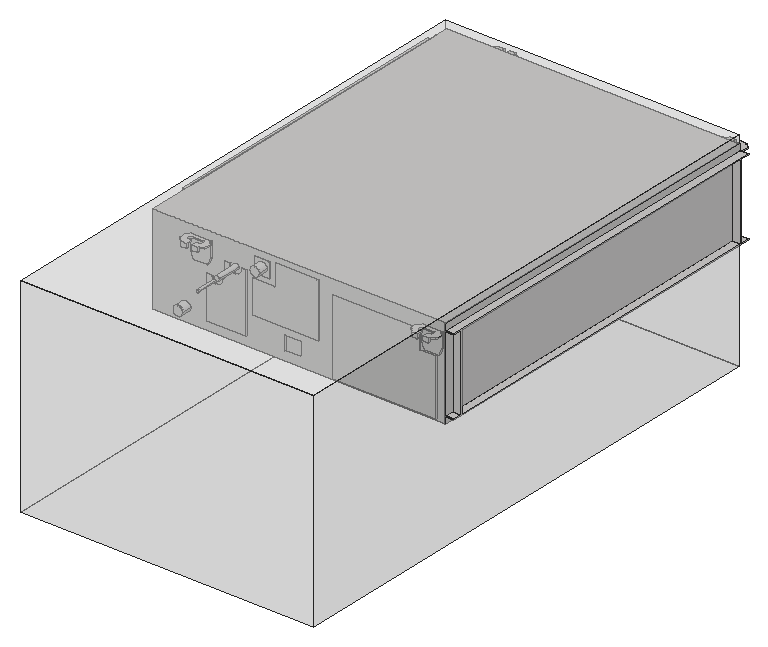
Revit family "outputfile", category 機械設備, Revit 2024
Family settings
  丸型コネクタ寸法 = 半径を使用
  パーツ タイプ = 標準
  OmniClass 番号 = 23.75.10.24.21.27.27
  OmniClass タイトル = Split System Air Conditioning Units
  作業面ベース = いいえ
  常に垂直 = はい
  ロード時にボイドで切り取り = いいえ
  注釈の向きを維持 = いいえ
  共有 = いいえ
  部屋計算ポイント = はい
Parameters (values of type "FXSA50AVMS")
  製造元 = "Daikin"
  書き出し IFC クラス(タイプ) = "IfcUnitaryEquipmentType"
  定義済み IFC タイプ(タイプ) = "AIRCONDITIONINGUNIT"
  モデル = "FXSA50AVMS"
  switch_frequency = yes
  r_Liquid Pipe Size = Liquid Pipe Size / 2  # 3.2 mm
  r_Gas Pipe Size = Gas Pipe Size / 2  # 6.35 mm
  r_Drain Pipe Size = Drain Pipe Size / 2  # 12.5 mm
  lw_power = 770.0 mm
  lh_SA = 138.0 mm
  lw_SA = if(Width = 550.0 mm, 225.0 mm, if(Width = 700.0 mm, 300.0 mm, if(Width = 1000.0 mm, 450.0 mm, if(Width = 1400.0 mm, 650.0 mm, 725.0 mm))))  # 450.0 mm
  lw_RA = if(Width = 550.0 mm, 275.0 mm, if(Width = 700.0 mm, 349.0 mm, if(Width = 1000.0 mm, 499.0 mm, if(Width = 1400.0 mm, 699.0 mm, 775.0 mm))))  # 499.0 mm
  lh_power = 60.0 mm + [h***]  # 60.0 mm
  lh_mountinghole1 = lh_mountinghole + [h***]  # 222.0 mm
  lh_RA = 123.0 mm
  ld_power = Width / 2  # 500.0 mm
  connector_voltage = Voltage_50Hz  # 220 V
  connector_powerinput = [Power Input (Cooling)]  # 0.075 kW
  connector_phase = Phase_50Hz  # 1
  Voltage_comment_50Hz = "220"
  Voltage_50Hz = 220 V
  Total Heating Capacity [instance] = 0.000 kW
  Supply Air Direction [instance] = yes
  Sound Power Level_H speed (dB) = 62
  Power Input (Heating) = 0.070 kW
  Phase_50Hz = 1
  Nominal Heating Capacity = 6.300 kW
  Minimum External Static Pressure = 50.00 Pa
  Minimum Circuit Amps_50Hz = 1.6 A
  Maximum Fuse Amps_50Hz = 16.0 A
  Maximum External Static Pressure = 150.00 Pa
  Material_Casing = DAIKIN_GalvanizedSteel_Casing_indoorunit
  lw_mountinghole = 630.0 mm
  lh_gaspipe = 183.0 mm + [h***]  # 183.0 mm
  lh_mountinghole = 222.0 mm
  lh_liquidpipe = 136.0 mm + [h***]  # 136.0 mm
  lh_drainpipe = 207.0 mm + [h***]  # 207.0 mm
  lh_antena = Height - lh_mountinghole + 1.0 mm  # 24.0 mm
  ld_drainpipe = Width / 2 + 26.0 mm  # 526.0 mm
  ld_liquidpipe = 569.0 mm
  ld_gaspipe = Width / 2 + 65.0 mm  # 565.0 mm
  ld_mountinghole = Width + 38.0 mm  # 1038.0 mm
  h*** = 0.0 mm
  lw_liquidpipe = 179.0 mm
  lw_gaspipe = 229.0 mm
  lw_drainpipe = 300.0 mm
  Width = 1000.0 mm
  Version = "ver.1.0"
  Unit Type = "Duct_M.S.P."
  Unit Mass Weight = 35.00 kg
  Unit Designation [instance] = ""
  Uniclass2015Version = "Products v1.30"
  Uniclass2015Title = "Variable refrigerant flow units"
  Uniclass2015Code = "Pr_70_65_03_94"
  Total Cooling Capacity [instance] = 0.000 kW
  Sound Pressure Level_M speed (dBA) = 32
  Sound Pressure Level_L speed (dBA) = 29
  Sound Pressure Level_H speed (dBA) = 34
  Series = "VRV Fan Coil Unit"
  Sensible Cooling Capacity [instance] = 0.000 kW
  SA Duct Size Width = 792.0 mm
  SA Duct Size Height = 176.0 mm
  Refrigerant Type = "R32"
  RA Duct Size Width = 952.0 mm
  RA Duct Size Height = 208.0 mm
  Power Input (Cooling) = 0.075 kW
  Option Accessory 3 [instance] = ""
  Option Accessory 2 [instance] = ""
  Option Accessory 1 [instance] = ""
  Nominal Cooling Capacity = 5.600 kW
  Minimum Airflow = 690.00 m³/h
  Median Airflow = 870.00 m³/h
  Maximum Airflow = 1020.00 m³/h
  Load Classification = HVAC
  Liquid Pipe Size = 6.4 mm
  Link_Nested Family [instance] = ""
  IfcVersion = ""
  IfcExportType = "AIRCONDITIONINGUNIT"
  IfcExportAs = "IfcUnitaryEquipmentType"
  Height = 245.0 mm
  Heating Entering Wet Bulb Temperature [instance] = -273.15 °C
  Heating Entering Dry Bulb Temperature [instance] = -273.15 °C
  Heating Ambient Wet Bulb Temperature [instance] = -273.15 °C
  Heating Ambient Dry Bulb Temperature [instance] = -273.15 °C
  Heat Exchanger Type = "Cross Fin Coil"
  Gas Pipe Size = 12.7 mm
  Frequency_50Hz = 50 Hz
  Fan Type = "Sirocco Fan"
  Fan Drive = "Direct Drive"
  FCU Tag No. [instance] = ""
  Drain Pipe Size = 25.0 mm
  Design Supply Airflow [instance] = 0.00 m³/h
  Design Return Airflow [instance] = 0.00 m³/h
  Design External Static Pressure [instance] = 0.00 Pa
  Depth = 800.0 mm
  既定の高さ = 0.0 mm
  Cooling Entering Wet Bulb Temperature [instance] = 0.00 °C
  Cooling Entering Dry Bulb Temperature [instance] = 0.00 °C
  Cooling Ambient Wet Bulb Temperature [instance] = 0.00 °C
  Cooling Ambient Dry Bulb Temperature [instance] = 0.00 °C
  Clearance visibility [instance] = yes
  Clearance Top = 20.0 mm
  Clearance Right = 0.0 mm
  Clearance Rear = 0.0 mm
  Clearance Left = 0.0 mm
  Clearance Front = 450.0 mm
  Clearance Bottom = 300.0 mm
Reference planes
  plane 1 "Center (Front/Back)": y = 0
  plane 2 "h": z = 0
  plane 3 "Center (Left/Right)": x = 0
  plane 4 "Back": y = 500
  plane 5 "Front": y = -500
  plane 6 "Left": x = -400
  plane 7 "Right": x = 400
  plane 8 "Top": z = 0
  plane 9 "Bottom": z = -245
  plane 10: y = -215
  plane 11: y = 500
  plane 12: y = -950
  plane 13: x = -400
  plane 14: x = 400
  plane 15: z = 20
  plane 16: z = -545
  plane 17: x = -400
  plane 18: x = -399
  plane 19: x = 399
  plane 20: y = 50
  plane 21: y = -1
  plane 22: z = -122
  plane 23: y = -501
  plane 24: z = -109
  plane 25: x = -221
  plane 26: y = -565
  plane 27: z = -62
  plane 28: x = -171
  plane 29: y = -526
  plane 30: z = -38
  plane 31: x = -100
  plane 32: x = -100
  plane 33: x = -221
  plane 34: x = -171
  plane 35: x = 370
  plane 36: x = -266
  plane 37: x = 364
  plane 38: y = -519
  plane 39: y = 519
  plane 40: z = -23
  plane 41: z = -107
  plane 42: y = -569
  plane 43: z = -207
  plane 44: x = -309
  plane 45: y = -376
  plane 46: x = -251
  plane 47: x = -203
  plane 48: x = -144
  plane 49: z = -59
  plane 50: z = -106
  plane 51: z = -221
  plane 52: z = -109
  plane 53: x = -221
  plane 54: z = -62
  plane 55: x = -171
  plane 56: z = -17
  plane 57: z = -59
  plane 58: x = -121
  plane 59: x = -79
  plane 60: x = -125
  plane 61: x = -64
  plane 62: x = 53
  plane 63: z = -164
  plane 64: z = -73
  plane 65: z = -16
  plane 66: x = 93.5
  plane 67: x = 374.5
  plane 68: x = 330
  plane 69: z = -88.5
  plane 70: z = -38
  plane 71: z = -242.5
  plane 72: x = -38.5
  plane 73: x = 6.5
  plane 74: z = -181
  plane 75: z = -221
  plane 76: y = -499
  plane 77: x = -424
  plane 78: x = 424
Forms (mm)
  Extrusion 1, solid, material "DAIKIN_GalvanizedSteel_Casing_indoorunit" <- "Material_Casing"
    sketch origin (0, 0, 0) x (1, 0, 0) y (0, 1, 0)
      loop
        line (-399, 500) -> (-399, -500) -> (399, -500) -> (399, 500) -> (-399, 500)
    from -245 to 0
  Extrusion 2, solid, material "DAIKIN_GalvanizedSteel_Casing_indoorunit" <- "Material_Casing"
    sketch origin (0, 0, 0) x (1, 0, 0) y (0, 0, 1)
      loop
        line (-251, -221) -> (-144, -221) -> (-144, -59) -> (-154.47, -59)
        arc (-154.47, -59) -> (-171, -78.8) -> (-187.53, -59) r 16.8
        line (-187.53, -59) -> (-203, -59) -> (-203, -106) -> (-206.916, -106)
        arc (-206.916, -106) -> (-221, -123.4) -> (-235.084, -106) r 14.4
        line (-235.084, -106) -> (-251, -106) -> (-251, -221)
    from 500 to 501
  Extrusion 3, solid, material "DAIKIN_GalvanizedSteel_Casing_indoorunit" <- "Material_Casing"
    sketch origin (0, 0, 0) x (1, 0, 0) y (0, 0, 1)
      loop
        line (-121, -17) -> (-121, -59) -> (-79, -59) -> (-79, -17) -> (-121, -17)
      loop
        line (-125, -73) -> (-125, -164) -> (53, -164) -> (53, -16) -> (-64, -16) -> (-64, -73) -> (-125, -73)
    from 500 to 501
  Extrusion 4, solid, material "DAIKIN_GalvanizedSteel_Casing_indoorunit" <- "Material_Casing"
    sketch origin (0, 0, 0) x (1, 0, 0) y (0, 0, 1)
      loop
        line (93.5, -38) -> (93.5, -242.5) -> (374.5, -242.5) -> (374.5, -88.5) -> (330, -88.5) -> (330, -38) -> (93.5, -38)
    from 500 to 501
  Extrusion 5, solid, material "DAIKIN_GalvanizedSteel_Casing_indoorunit" <- "Material_Casing"
    sketch origin (0, 0, 0) x (1, 0, 0) y (0, 0, 1)
      loop
        circle (-221, -109) r 3.2
    from 500 to 569
  Extrusion 6, solid, material "DAIKIN_GalvanizedSteel_Casing_indoorunit" <- "Material_Casing"
    sketch origin (0, 0, 0) x (1, 0, 0) y (0, 0, 1)
      loop
        circle (-171, -62) r 6.35
    from 500 to 565
  Extrusion 7, solid, material "DAIKIN_GalvanizedSteel_Casing_indoorunit" <- "Material_Casing"
    sketch origin (0, 0, 0) x (1, 0, 0) y (0, 0, 1)
      loop
        circle (-100, -38) r 12.5
    from 501 to 526
  Extrusion 8, solid, material "DAIKIN_GalvanizedSteel_Casing_indoorunit" <- "Material_Casing"
    sketch origin (0, 0, 0) x (1, 0, 0) y (0, 0, 1)
      loop
        circle (-309, -207) r 13
    from 500 to 526
  Extrusion 9, void
    sketch origin (0, 0, 0) x (1, 0, 0) y (0, 0, 1)
      loop
        line (-38.5, -181) -> (-38.5, -221) -> (6.5, -221) -> (6.5, -181) -> (-38.5, -181)
    from 499 to 500
Cuts and joins
  Extrusion 9 cuts Extrusion 1
Dimensions and locks
  "Height": plane 8 "Top" to plane 9 "Bottom"
  equal spacing: plane 4 "Back", plane 1 "Center (Front/Back)", plane 5 "Front"
  "Width": plane 4 "Back" to plane 5 "Front"
  equal spacing: plane 6 "Left", plane 3 "Center (Left/Right)", plane 7 "Right"
  "Depth": plane 6 "Left" to plane 7 "Right"
  "Clearance Left": plane 13 to plane 6 "Left"
  "Clearance Right": plane 7 "Right" to plane 14
  "Clearance Rear": plane 11 to plane 4 "Back"
  "Clearance Front": plane 5 "Front" to plane 12
  "Clearance Top": plane 15 to plane 8 "Top"
  "Clearance Bottom": plane 9 "Bottom" to plane 16
  locked: plane 17 to plane 18 at 1
  locked: plane 19 to plane 14 at 1
  "lw_SA": plane 11 to plane 20
  "lw_RA": plane 21 to plane 5 "Front"
  "lh_RA": plane 22 to plane 9 "Bottom"
  locked: plane 5 "Front" to plane 23 at 1
  "lw_liquidpipe": plane 25 to plane 6 "Left"
  "lh_liquidpipe": plane 24 to plane 9 "Bottom"
  "lh_gaspipe": plane 27 to plane 9 "Bottom"
  "lw_gaspipe": plane 28 to plane 6 "Left"
  "ld_gaspipe": plane 26 to plane 1 "Center (Front/Back)"
  "ld_drainpipe": plane 29 to plane 1 "Center (Front/Back)"
  "lh_drainpipe": plane 30 to plane 9 "Bottom"
  "lw_drainpipe": plane 31 to plane 6 "Left"
  "lw_drainpipe": plane 6 "Left" to plane 32
  "lw_liquidpipe": plane 6 "Left" to plane 33
  "lw_gaspipe": plane 6 "Left" to plane 34
  "lw_power": plane 6 "Left" to plane 35
  locked: plane 17 to plane 36 at 134
  "lw_mountinghole": plane 36 to plane 37
  equal spacing: plane 38, plane 1 "Center (Front/Back)", plane 39
  "ld_mountinghole": plane 39 to plane 38
  "lh_mountinghole": plane 40 to plane 9 "Bottom"
  "lh_SA": plane 41 to plane 9 "Bottom"
  locked: plane 44 to plane 6 "Left" at 91
  locked: plane 43 to plane 9 "Bottom" at 38
  plane 48 to plane 47 to plane 46 to plane 6 "Left" = 59.0 mm, 48.0 mm, 149.0 mm
  plane 8 "Top" to plane 49 to plane 50 to plane 51 = 59.0 mm locked, 47.0 mm locked, 115.0 mm locked
  plane 55 to plane 53 to plane 6 "Left" = 50.0 mm locked, 179.0 mm locked
  plane 54 to plane 52 to plane 9 "Bottom" = 47.0 mm locked, 136.0 mm locked
  plane 59 to plane 58 to plane 6 "Left" = 42.0 mm locked, 279.0 mm locked
  plane 8 "Top" to plane 56 to plane 57 = 17.0 mm locked, 42.0 mm locked
  plane 62 to plane 61 to plane 60 to plane 6 "Left" = 117.0 mm, 61.0 mm, 275.0 mm
  plane 8 "Top" to plane 65 to plane 64 = 16.0 mm locked, 57.0 mm locked
  locked: plane 65 to plane 63 at 148
  plane 8 "Top" to plane 70 to plane 69 to plane 71 = 38.0 mm locked, 50.5 mm locked, 154.0 mm locked
  plane 67 to plane 68 to plane 66 to plane 6 "Left" = 44.5 mm locked, 236.5 mm locked, 493.5 mm locked
  plane 8 "Top" to plane 74 to plane 75 = 181.0 mm locked, 40.0 mm locked
  plane 73 to plane 72 to plane 6 "Left" = 45.0 mm, 361.5 mm
  locked: plane 76 to plane 5 "Front" at 1
  locked: plane 77 to plane 17 at 24
  locked: plane 14 to plane 78 at 24
  "ld_liquidpipe": plane 42 to plane 1 "Center (Front/Back)"
  "r_Liquid Pipe Size": radius of Extrusion 5 sketch curve
  "r_Gas Pipe Size": radius of Extrusion 6 sketch curve
  "r_Drain Pipe Size": radius of Extrusion 7 sketch curve
  aligned and locked: level to plane 2 "h"
  aligned and locked: plane 8 "Top" to Extrusion 1
  aligned and locked: Extrusion 1 to plane 9 "Bottom"
  aligned and locked: nested 5 to plane 12
  aligned and locked: plane 13 to nested 5
  aligned and locked: plane 14 to nested 5
  aligned and locked: nested 5 to plane 13
  aligned and locked: plane 11 to nested 5
  aligned and locked: plane 15 to nested 5
  aligned and locked: plane 16 to nested 5
  aligned and locked: plane 5 "Front" to Extrusion 1 sketch curve
  aligned and locked: Extrusion 1 to plane 18
  aligned and locked: plane 19 to Extrusion 1
  aligned and locked: nested 7 to plane 18
  aligned and locked: nested 7 to plane 20
  aligned and locked: plane 19 to nested 8
  aligned and locked: plane 21 to nested 8
  aligned and locked: plane 22 to nested 8
  aligned and locked: Extrusion 2 to plane 23
  aligned and locked: plane 5 "Front" to Extrusion 2
  aligned and locked: Extrusion 3 to plane 23
  aligned and locked: plane 5 "Front" to Extrusion 3
  aligned and locked: plane 5 "Front" to Extrusion 4
  aligned and locked: Extrusion 5 sketch curve to plane 25
  aligned and locked: plane 24 to Extrusion 5 sketch curve
  aligned and locked: plane 5 "Front" to Extrusion 5
  aligned and locked: Extrusion 6 sketch curve to plane 28
  aligned and locked: plane 27 to Extrusion 6 sketch curve
  aligned and locked: plane 5 "Front" to Extrusion 6
  aligned and locked: Extrusion 7 sketch curve to plane 31
  aligned and locked: Extrusion 7 sketch curve to plane 30
  aligned and locked: Extrusion 7 to plane 29
  aligned and locked: plane 23 to Extrusion 7
  aligned and locked: nested 3 to plane 29
  aligned and locked: plane 32 to nested 3
  aligned and locked: nested 2 to plane 33
  aligned and locked: nested 1 to plane 34
  aligned and locked: Extrusion 6 to plane 26
  aligned and locked: nested 1 to plane 26
  aligned and locked: nested 6 to plane 5 "Front"
  aligned and locked: nested 6 to plane 35
  aligned and locked: plane 36 to nested 10
  aligned and locked: nested 10 to plane 5 "Front"
  aligned and locked: plane 37 to nested 9
  aligned and locked: nested 9 to plane 5 "Front"
  aligned and locked: nested 11 to plane 36
  aligned and locked: plane 4 "Back" to nested 11
  aligned and locked: nested 12 to plane 37
  aligned and locked: plane 4 "Back" to nested 12
  aligned and locked: plane 40 to nested 10
  aligned and locked: plane 40 to nested 11
  aligned and locked: plane 40 to nested 9
  aligned and locked: plane 40 to nested 12
  aligned and locked: plane 36 to nested 14
  aligned and locked: nested 14 to plane 39
  aligned and locked: plane 37 to nested 13
  aligned and locked: nested 13 to plane 39
  aligned and locked: plane 37 to nested 16
  aligned and locked: plane 38 to nested 16
  aligned and locked: plane 38 to nested 15
  aligned and locked: plane 36 to nested 15
  aligned and locked: plane 17 to plane 6 "Left"
  aligned and locked: plane 41 to nested 7
  aligned and locked: Extrusion 5 to plane 42
  aligned and locked: nested 2 to plane 42
  aligned and locked: Extrusion 8 sketch curve to plane 44
  aligned and locked: plane 43 to Extrusion 8 sketch curve
  aligned and locked: plane 5 "Front" to Extrusion 8
  aligned and locked: Extrusion 3 sketch curve to plane 56
  aligned and locked: Extrusion 3 sketch curve to plane 58
  aligned and locked: plane 57 to Extrusion 3 sketch curve
  aligned and locked: plane 59 to Extrusion 3 sketch curve
  aligned and locked: Extrusion 4 to plane 23
  aligned and locked: Extrusion 9 sketch curve to plane 74
  aligned and locked: plane 75 to Extrusion 9 sketch curve
  aligned and locked: plane 73 to Extrusion 9 sketch curve
  aligned and locked: plane 5 "Front" to Extrusion 9
  aligned and locked: plane 76 to Extrusion 9
  aligned and locked: nested 17 to plane 20
  aligned and locked: nested 17 to plane 77
  aligned and locked: plane 21 to nested 18
  aligned and locked: plane 78 to nested 18
  aligned and locked: plane 41 to nested 17
  aligned and locked: nested 18 to plane 22
  aligned and locked: nested 4 to plane 3 "Center (Left/Right)"
  aligned and locked: plane 1 "Center (Front/Back)" to nested 4
  aligned and locked: level to plane 8 "Top"
  aligned and locked: Extrusion 8 to plane 29
Automatic sketch dimensions
  plane 6 "Left" to Extrusion 1 sketch curve = 1.0 mm
  Extrusion 1 sketch curve to plane 7 "Right" = 1.0 mm
  Extrusion 1 sketch curve to plane 4 "Back" = 0.0 mm
  Extrusion 2 sketch curve to plane 46 = 0.0 mm
  Extrusion 2 sketch curve to plane 33 = 0.0 mm
  Extrusion 2 sketch curve to plane 47 = 0.0 mm
  Extrusion 2 sketch curve to plane 34 = 0.0 mm
  Extrusion 2 sketch curve to plane 48 = 0.0 mm
  Extrusion 2 sketch curve to plane 51 = 0.0 mm
  Extrusion 2 sketch curve to plane 52 = 0.0 mm
  Extrusion 2 sketch curve to plane 50 = 0.0 mm  (x3)
  Extrusion 2 sketch curve to plane 54 = 0.0 mm
  Extrusion 2 sketch curve to plane 49 = 0.0 mm  (x3)
  plane 33 to Extrusion 2 sketch curve = 14.084 mm
  plane 34 to Extrusion 2 sketch curve = 16.53 mm
  Extrusion 3 sketch curve to plane 60 = 0.0 mm
  Extrusion 3 sketch curve to plane 61 = 0.0 mm
  Extrusion 3 sketch curve to plane 62 = 0.0 mm
  Extrusion 3 sketch curve to plane 63 = 0.0 mm
  Extrusion 3 sketch curve to plane 64 = 0.0 mm
  Extrusion 3 sketch curve to plane 65 = 0.0 mm
  Extrusion 4 sketch curve to plane 66 = 0.0 mm
  Extrusion 4 sketch curve to plane 68 = 0.0 mm
  Extrusion 4 sketch curve to plane 67 = 0.0 mm
  Extrusion 4 sketch curve to plane 71 = 0.0 mm
  Extrusion 4 sketch curve to plane 69 = 0.0 mm
  Extrusion 4 sketch curve to plane 70 = 0.0 mm
  Extrusion 9 sketch curve to plane 72 = 0.0 mm
  radius of Extrusion 8 sketch curve = 13.0 mm
Nested families
  nested 1: "daikin_connector_rotate2" at (-171, 0, -62), length <- "ld_gaspipe", built-in parameter 1001364 <- "lh_gaspipe", radius <- "r_Gas Pipe Size", type "daikin_connector_rotate2"
    with radius 6.35 mm, length 565.0 mm, angle_vertical 90.00°
  nested 2: "daikin_connector_rotate2" at (-221, 0, -109), length <- "ld_liquidpipe", built-in parameter 1001364 <- "lh_liquidpipe", radius <- "r_Liquid Pipe Size", type "daikin_connector_rotate2"
    with radius 3.2 mm, length 569.0 mm, angle_vertical 90.00°
  nested 3: "daikin_connector_rotate2" at (-100, 0, -38), length <- "ld_drainpipe", built-in parameter 1001364 <- "lh_drainpipe", radius <- "r_Drain Pipe Size", type "daikin_connector_rotate2"
    with radius 12.5 mm, length 526.0 mm, angle_vertical 90.00°
  nested 4: "daikin_△_symbolicline" at (0, 0, 245) x (0, -1, 0) z (0, 0, 1), built-in parameter 1001364 <- "Height", visible <- "Supply Air Direction", type "daikin_△_symbolicline"
    with length 200.0 mm
  nested 5: "daikin_clearancespace" at (0, -225, -262.381), visible <- "Clearance visibility", show <- "Clearance visibility", Link_Nested Family <- "Link_Nested Family", type "daikin_clearancespace"
    with width 800.0 mm, show yes, height 565.0 mm, depth 1450.0 mm, Link_Nested Family ""
  nested 6: "daikin_connector_rotate2" at (370, 0, -185), built-in parameter 1001364 <- "lh_power", length <- "ld_power", type "daikin_connector_rotate2"
    with radius 10.0 mm, length 500.0 mm, angle_vertical 90.00°
  nested 7: "daikin_ductflange_FXSA-AVMS2" at (-399, 50, -107) x (0, -1, 0) z (0, 0, 1), type "daikin_ductflange_FXSA-AVMS2"
    with width 792.0 mm, w 1000.0 mm
  nested 8: "daikin_ductflange_FXSA-AVMS" at (399, -1, -122) x (0, 1, 0) z (0, 0, 1), type "daikin_ductflange_FXSA-AVMS"
    with width 952.0 mm, lw 25.0 mm, w 1000.0 mm
  nested 9: "FXFSA-AVM" at (364, -500, -23), type "daikin_hangerfixture_FXFSA-AVM"
  nested 10: "FXFSA-AVM" at (-266, -500, -23), type "daikin_hangerfixture_FXFSA-AVM"
  nested 11: "FXFSA-AVM" at (-266, 500, -23) x (-1, 0, 0) z (0, 0, 1), type "daikin_hangerfixture_FXFSA-AVM"
  nested 12: "FXFSA-AVM" at (364, 500, -23) x (-1, 0, 0) z (0, 0, 1), type "daikin_hangerfixture_FXFSA-AVM"
  nested 13: "daikin_mountinghole" at (364, 519, -245), h_mountinghole <- "lh_mountinghole1", l_antenna <- "lh_antena", Link_Nested Family <- "Link_Nested Family", type "daikin_mountinghole"
    with show yes, l_antenna 24.0 mm, h_mountinghole 222.0 mm, Link_Nested Family ""
  nested 14: "daikin_mountinghole" at (-266, 519, -245), h_mountinghole <- "lh_mountinghole1", l_antenna <- "lh_antena", Link_Nested Family <- "Link_Nested Family", type "daikin_mountinghole"
    with show yes, l_antenna 24.0 mm, h_mountinghole 222.0 mm, Link_Nested Family ""
  nested 15: "daikin_mountinghole" at (-266, -519, -245), h_mountinghole <- "lh_mountinghole1", l_antenna <- "lh_antena", Link_Nested Family <- "Link_Nested Family", type "daikin_mountinghole"
    with show yes, l_antenna 24.0 mm, h_mountinghole 222.0 mm, Link_Nested Family ""
  nested 16: "daikin_mountinghole" at (364, -519, -245), h_mountinghole <- "lh_mountinghole1", l_antenna <- "lh_antena", Link_Nested Family <- "Link_Nested Family", type "daikin_mountinghole"
    with show yes, l_antenna 24.0 mm, h_mountinghole 222.0 mm, Link_Nested Family ""
  nested 17: "daikin_connector_rotate2" at (-400, 50, -107) x (0, -1, 0) z (0, 0, 1), type "daikin_connector_rotate2"
    with radius 10.0 mm, length 24.0 mm, angle_vertical 90.00°
  nested 18: "daikin_connector_rotate2" at (400, -1, -122) x (0, 1, 0) z (0, 0, 1), type "daikin_connector_rotate2"
    with radius 10.0 mm, length 24.0 mm, angle_vertical 90.00°
Connectors
  piping at (-100, -526, -38), diameter 25, driven by "r_Drain Pipe Size"
    settings: on nested 3, index 3, connector inside diameter 609.6 mm, connector length 0.0 mm, flow factor 0, pipe flow 0.00 m³/h, pressure drop 0.0 Pa, fitting loss kfactor 0, connector angle 0.00°, fixture units 0, engagement length 0.0 mm, angle of deflection 0.00°, flow configuration 1, flow direction 2, fitting loss method 4, system type 16, joint type 0, gender type 0, connector reference index -1, connector utility 0, adjustable connector no, is connector primary yes, connector description "Condensate Drain Piping"
  piping at (-171, -565, -62), diameter 12.7, driven by "r_Gas Pipe Size"
    settings: on nested 1, index 4, connector inside diameter 609.6 mm, connector length 0.0 mm, flow factor 0, pipe flow 0.00 m³/h, pressure drop 0.0 Pa, fitting loss kfactor 0, connector angle 0.00°, fixture units 0, engagement length 0.0 mm, angle of deflection 0.00°, flow configuration 1, flow direction 2, fitting loss method 0, system type 29, joint type 0, gender type 0, connector reference index -1, connector utility 0, adjustable connector no, is connector primary no, connector description "Refrigerant Gas Piping"
  piping at (-221, -569, -109), diameter 6.4, driven by "r_Liquid Pipe Size"
    settings: on nested 2, index 5, connector inside diameter 609.6 mm, connector length 0.0 mm, flow factor 0, pipe flow 0.00 m³/h, pressure drop 0.0 Pa, fitting loss kfactor 0, connector angle 0.00°, fixture units 0, engagement length 0.0 mm, angle of deflection 0.00°, flow configuration 1, flow direction 1, fitting loss method 0, system type 29, joint type 0, gender type 0, connector reference index -1, connector utility 0, adjustable connector no, is connector primary no, connector description "Refrigerant Liquid Piping"
  electrical at (370, -500, -185), driven by "Load Classification", driven by "connector_voltage", driven by "connector_phase", driven by "connector_powerinput"
    settings: on nested 6, index 6, voltage 220 V, apparent load 75 VA, apparent load phase1 0 VA, apparent load phase2 0 VA, apparent load phase3 0 VA, power factor 1, load classification "HVAC", number of poles 1, system type 30, power factor state 1, is connector primary yes, connector utility no, sub classification motor no, connector description "Power Supply"
  hvac at (-424, 50, -107), driven by "SA Duct Size Height", driven by "SA Duct Size Width"
    settings: on nested 17, index 7, duct flow 0.00 m³/h, flow factor 0, pres drop 0.00 Pa, loss coef 0, conn angle 0.00°, conn width 792.0 mm, conn height 176.0 mm, conn diameter 609.6 mm, duct sys type 1, conn prof type 1, flow config 0, flow direction 2, loss method 4, conn ref index -1, conn util no, is conn primary yes, conn desc "SA Duct"
  hvac at (424, -1, -122), driven by "RA Duct Size Height", driven by "RA Duct Size Width"
    settings: on nested 18, index 8, duct flow 0.00 m³/h, flow factor 0, pres drop 0.00 Pa, loss coef 0, conn angle 0.00°, conn width 952.0 mm, conn height 208.0 mm, conn diameter 609.6 mm, duct sys type 2, conn prof type 1, flow config 0, flow direction 1, loss method 4, conn ref index -1, conn util no, is conn primary no, conn desc "RA Duct"
Definition of nested family "daikin_clearancespace"
  Parameters (values of type "daikin_clearancespace")
    Description = "daikin_clearancespace"
    width [instance] = 1823.963 mm
    show [instance] = yes
    material = none
    height [instance] = 1359.762 mm
    depth [instance] = 880.0 mm
    Default Elevation = 0.0 mm
    Link_Nested Family [instance] = ""
  Reference planes
    plane 1 "Center (Front/Back)": y = 0
    plane 2 "Center (Elevation)": z = -0.119
    plane 3 "Center (Left/Right)": x = 0
    plane 4: y = 440
    plane 5: y = -440
    plane 6 "Right": x = 911.982
    plane 7 "Left": x = -911.982
    plane 8 "Top": z = 679.762
    plane 9 "Bottom": z = -680
  Forms (mm)
    Extrusion 1, solid, material <- "material", visible <- "show"
      sketch origin (0, 0, 0) x (1, 0, 0) y (0, 1, 0)
        loop
          line (-911.982, 440) -> (-911.982, -440) -> (911.982, -440) -> (911.982, 440) -> (-911.982, 440)
      from -680 to 679.762
  Lines and regions (mm)
    symbolic lines, visible <- "show"
      curve 1: line (911.982, 440, 0) -> (-911.982, 440, 0)
      curve 2: line (-911.982, 440, 0) -> (-911.982, -440, 0)
      curve 3: line (-911.982, -440, 0) -> (911.982, -440, 0)
      curve 4: line (911.982, -440, 0) -> (911.982, 440, 0)
      curve 5: line (911.982, 0, 679.762) -> (-911.982, 0, 679.762)
      curve 6: line (911.982, 0, -680) -> (911.982, 0, 679.762)
      curve 7: line (-911.982, 0, -680) -> (911.982, 0, -680)
      curve 8: line (-911.982, 0, 679.762) -> (-911.982, 0, -680)
      curve 9: line (0, 440, 679.762) -> (0, -440, 679.762)
      curve 10: line (0, -440, 679.762) -> (0, -440, -680)
      curve 11: line (0, 440, -680) -> (0, 440, 679.762)
      curve 12: line (0, -440, -680) -> (0, 440, -680)
  Dimensions and locks
    "width": plane 7 "Left" to plane 6 "Right"
    "depth": plane 4 to plane 5
    "height": plane 8 "Top" to plane 9 "Bottom"
    equal spacing: plane 7 "Left", plane 3 "Center (Left/Right)", plane 6 "Right"
    equal spacing: plane 4, plane 1 "Center (Front/Back)", plane 5
    equal spacing: plane 8 "Top", plane 2 "Center (Elevation)", plane 9 "Bottom"
    aligned and locked: level to plane 2 "Center (Elevation)"
    aligned and locked: Extrusion 1 sketch curve to plane 4
    aligned and locked: plane 7 "Left" to Extrusion 1 sketch curve
    aligned and locked: Extrusion 1 sketch curve to plane 5
    aligned and locked: Extrusion 1 sketch curve to plane 6 "Right"
    aligned and locked: plane 8 "Top" to Extrusion 1
    aligned and locked: curve 1 to Extrusion 1
    aligned and locked: curve 2 to Extrusion 1
    aligned and locked: curve 3 to Extrusion 1
    aligned and locked: curve 4 to Extrusion 1
    aligned and locked: curve 5 to Extrusion 1
    aligned and locked: curve 6 to Extrusion 1
    aligned and locked: curve 7 to Extrusion 1
    aligned and locked: curve 8 to Extrusion 1
    aligned and locked: curve 9 to Extrusion 1
    aligned and locked: curve 10 to Extrusion 1
    aligned and locked: curve 11 to Extrusion 1
    aligned and locked: curve 12 to Extrusion 1
    aligned and locked: Extrusion 1 to plane 9 "Bottom"
Definition of nested family "daikin_ductflange_FXSA-AVMS2"
  Parameters (values of type "daikin_ductflange_FBA-BVMA2")
    width = if(w = 550.0 mm, 337.0 mm, if(w = 700.0 mm, 492.0 mm, if(w = 1000.0 mm, 792.0 mm, if(w = 1400.0 mm, 1192.0 mm, 1337.0 mm))))  # 492.0 mm
    w1 = if(w = 550.0 mm, 24.0 mm, if(w = 700.0 mm, 21.5 mm, if(w = 1000.0 mm, 21.5 mm, if(w = 1400.0 mm, 21.5 mm, 24.0 mm))))  # 21.5 mm
    material = none
    height = 215.0 mm
    depth = 1.0 mm
    w = 700.0 mm
    Default Elevation = 0.0 mm
  Reference planes
    plane 1 "Center (Front/Back)": y = 0
    plane 2: z = 0
    plane 3 "Center (Left/Right)": x = 0
    plane 4: z = 88
    plane 5: z = -88
    plane 6: y = -25
    plane 7: z = 106
    plane 8: z = 89
    plane 9: y = -1
    plane 10: x = -267.5
    plane 11: x = 267.5
    plane 12: z = -106
    plane 13: z = -89
    plane 14: y = -1
    plane 15: x = 246
    plane 16: x = -246
    plane 17: x = 247
    plane 18: z = 87
    plane 19: z = -87
    plane 20: x = -247
    plane 21: z = 87
    plane 22: z = -87
    plane 23: y = -1
  Forms (mm)
    Extrusion 1, solid, material <- "material"
      sketch origin (0, 0, 0) x (0, 1, 0) y (0, 0, 1)
        loop
          line (-25, 88) -> (0, 88) -> (0, 106) -> (-1, 106) -> (-1, 89) -> (-25, 89) -> (-25, 88)
      from -267.5 to 267.5
    Extrusion 2, solid, material <- "material"
      sketch origin (0, 0, 0) x (0, 1, 0) y (0, 0, 1)
        loop
          line (-25, -88) -> (-25, -89) -> (-1, -89) -> (-1, -106) -> (0, -106) -> (0, -88) -> (-25, -88)
      from -267.5 to 267.5
    Extrusion 3, solid, material <- "material"
      sketch origin (0, 0, 0) x (1, 0, 0) y (0, 0, 1)
        loop
          line (246, 88) -> (246, -88) -> (267.5, -88) -> (267.5, -87) -> (247, -87) -> (247, 87) -> (267.5, 87) -> (267.5, 88) -> (246, 88)
      from 0 to 25
    Extrusion 4, solid, material <- "material"
      sketch origin (0, 0, 0) x (1, 0, 0) y (0, 0, 1)
        loop
          line (-267.5, 88) -> (-267.5, 87) -> (-247, 87) -> (-247, -87) -> (-267.5, -87) -> (-267.5, -88) -> (-246, -88) -> (-246, 88) -> (-267.5, 88)
      from 0 to 25
    Extrusion 5, solid, material <- "material"
      sketch origin (0, 0, 0) x (1, 0, 0) y (0, 0, 1)
        loop
          line (-267.5, 88) -> (-267.5, -88) -> (-246, -88) -> (-246, 88) -> (-267.5, 88)
        loop
          line (267.5, 88) -> (246, 88) -> (246, -88) -> (267.5, -88) -> (267.5, 88)
      from 0 to 1
  Cuts and joins
    joined: Extrusion 1, Extrusion 2, Extrusion 3, Extrusion 4, Extrusion 5
  Dimensions and locks
    plane 4 to level to plane 5 = 88.0 mm, 88.0 mm
    locked: plane 6 to plane 1 "Center (Front/Back)" at 25
    locked: plane 9 to plane 1 "Center (Front/Back)" at 1
    locked: plane 8 to plane 4 at 1
    "w1": plane 16 to plane 10
    locked: plane 17 to plane 15 at 1
    locked: plane 4 to plane 18 at 1
    locked: plane 19 to plane 5 at 1
    "width": plane 15 to plane 16
    plane 4 to plane 5 = 176.0 mm
    locked: plane 16 to plane 20 at 1
    locked: plane 4 to plane 21 at 1
    locked: plane 22 to plane 5 at 1
    locked: plane 23 to plane 1 "Center (Front/Back)" at 1
    plane 4 to level to plane 5 = 88.0 mm locked, 88.0 mm locked
    locked: plane 5 to plane 13 at 1
    locked: plane 5 to plane 12 at 18
    locked: plane 7 to plane 4 at 18
    equal spacing: plane 15, plane 3 "Center (Left/Right)", plane 16
    "w1": plane 11 to plane 15
    plane 11 to plane 10 = 535.0 mm
    aligned and locked: level to plane 2
    aligned and locked: Extrusion 1 to plane 10
    aligned and locked: plane 11 to Extrusion 1
    aligned and locked: plane 5 to Extrusion 2
    aligned and locked: Extrusion 2 to plane 1 "Center (Front/Back)"
    aligned and locked: plane 15 to Extrusion 3 sketch curve
    aligned and locked: Extrusion 3 sketch curve to Extrusion 2  (x2)
    aligned and locked: Extrusion 3 sketch curve to plane 11
    aligned and locked: plane 6 to Extrusion 3
    aligned and locked: Extrusion 2 to plane 10
    aligned and locked: plane 11 to Extrusion 2
    aligned and locked: Extrusion 4 sketch curve to Extrusion 1  (x2)
    aligned and locked: plane 5 to Extrusion 4 sketch curve
    aligned and locked: Extrusion 4 sketch curve to plane 16
    aligned and locked: Extrusion 4 sketch curve to plane 22
    aligned and locked: plane 20 to Extrusion 4 sketch curve
    aligned and locked: plane 21 to Extrusion 4 sketch curve
    aligned and locked: Extrusion 4 to plane 1 "Center (Front/Back)"
    aligned and locked: plane 6 to Extrusion 4
    aligned and locked: Extrusion 5 sketch curve to Extrusion 1  (x4)
    aligned and locked: Extrusion 5 sketch curve to Extrusion 4  (x2)
    aligned and locked: Extrusion 5 sketch curve to Extrusion 3  (x2)
    aligned and locked: Extrusion 5 to plane 1 "Center (Front/Back)"
    aligned and locked: plane 23 to Extrusion 5
  Automatic sketch dimensions
    Extrusion 1 sketch curve to plane 6 = 0.0 mm
    Extrusion 1 sketch curve to plane 7 = 0.0 mm
    Extrusion 1 sketch curve to plane 9 = 0.0 mm
    Extrusion 1 sketch curve to plane 1 "Center (Front/Back)" = 0.0 mm
    Extrusion 1 sketch curve to plane 4 = 0.0 mm
    Extrusion 1 sketch curve to plane 8 = 0.0 mm
    Extrusion 2 sketch curve to plane 6 = 0.0 mm
    plane 12 to Extrusion 2 sketch curve = 0.0 mm
    Extrusion 2 sketch curve to plane 14 = 0.0 mm
    Extrusion 2 sketch curve to plane 1 "Center (Front/Back)" = 0.0 mm
    plane 13 to Extrusion 2 sketch curve = 0.0 mm
    Extrusion 2 sketch curve to plane 5 = 0.0 mm
    Extrusion 3 sketch curve to plane 17 = 0.0 mm
    Extrusion 3 sketch curve to plane 19 = 0.0 mm
    Extrusion 3 sketch curve to plane 18 = 0.0 mm
    Extrusion 3 sketch curve to plane 4 = 0.0 mm
    Extrusion 4 sketch curve to plane 10 = 0.0 mm
Definition of nested family "daikin_ductflange_FXSA-AVMS"
  Parameters (values of type "daikin_ductflange_FBFC-DVMG")
    width = if(w = 550.0 mm, 502.0 mm, if(w = 700.0 mm, 654.0 mm, if(w = 1000.0 mm, 952.0 mm, if(w = 1400.0 mm, 1352.0 mm, 1502.0 mm))))  # 654.0 mm
    material = none
    lw = if(width = 654.0 mm, 23.0 mm, 25.0 mm)  # 23.0 mm
    height = 208.0 mm
    depth = 1.0 mm
    w = 700.0 mm
    Default Elevation = 0.0 mm
  Reference planes
    plane 1 "Center (Front/Back)": y = 0
    plane 2: z = 0
    plane 3 "Center (Left/Right)": x = 0
    plane 4: z = 104
    plane 5: z = -104
    plane 6: y = -25
    plane 7: z = 121
    plane 8: z = 105
    plane 9: y = -1
    plane 10: x = -350
    plane 11: x = 350
    plane 12: z = -122
    plane 13: z = -105
    plane 14: y = -1
    plane 15: x = 327
    plane 16: x = -327
    plane 17: x = 328
    plane 18: z = 103
    plane 19: z = -103
    plane 20: x = -328
    plane 21: z = 103
    plane 22: z = -103
    plane 23: y = -1
  Forms (mm)
    Extrusion 1, solid, material <- "material"
      sketch origin (0, 0, 0) x (0, 1, 0) y (0, 0, 1)
        loop
          line (-25, 104) -> (0, 104) -> (0, 121) -> (-1, 121) -> (-1, 105) -> (-25, 105) -> (-25, 104)
      from -350 to 350
    Extrusion 2, solid, material <- "material"
      sketch origin (0, 0, 0) x (0, 1, 0) y (0, 0, 1)
        loop
          line (-25, -104) -> (-25, -105) -> (-1, -105) -> (-1, -122) -> (0, -122) -> (0, -104) -> (-25, -104)
      from -350 to 350
    Extrusion 3, solid, material <- "material"
      sketch origin (0, 0, 0) x (1, 0, 0) y (0, 0, 1)
        loop
          line (327, 104) -> (327, -104) -> (350, -104) -> (350, -103) -> (328, -103) -> (328, 103) -> (350, 103) -> (350, 104) -> (327, 104)
      from 0 to 25
    Extrusion 4, solid, material <- "material"
      sketch origin (0, 0, 0) x (1, 0, 0) y (0, 0, 1)
        loop
          line (-350, 104) -> (-350, 103) -> (-328, 103) -> (-328, -103) -> (-350, -103) -> (-350, -104) -> (-327, -104) -> (-327, 104) -> (-350, 104)
      from 0 to 25
    Extrusion 5, solid, material <- "material"
      sketch origin (0, 0, 0) x (1, 0, 0) y (0, 0, 1)
        loop
          line (-350, 104) -> (-350, -104) -> (-327, -104) -> (-327, 104) -> (-350, 104)
        loop
          line (350, 104) -> (327, 104) -> (327, -104) -> (350, -104) -> (350, 104)
      from 0 to 1
  Cuts and joins
    joined: Extrusion 1, Extrusion 2, Extrusion 3, Extrusion 4, Extrusion 5
  Dimensions and locks
    plane 4 to level to plane 5 = 104.0 mm, 104.0 mm
    locked: plane 6 to plane 1 "Center (Front/Back)" at 25
    locked: plane 9 to plane 1 "Center (Front/Back)" at 1
    locked: plane 8 to plane 4 at 1
    "lw": plane 11 to plane 15
    "lw": plane 16 to plane 10
    locked: plane 17 to plane 15 at 1
    locked: plane 4 to plane 18 at 1
    locked: plane 19 to plane 5 at 1
    "width": plane 15 to plane 16
    equal spacing: plane 15, plane 3 "Center (Left/Right)", plane 16
    locked: plane 16 to plane 20 at 1
    locked: plane 4 to plane 21 at 1
    locked: plane 22 to plane 5 at 1
    locked: plane 23 to plane 1 "Center (Front/Back)" at 1
    locked: plane 7 to plane 4 at 17
    locked: plane 1 "Center (Front/Back)" to plane 14 at 1
    locked: plane 5 to plane 13 at 1
    "height": plane 4 to plane 5
    plane 11 to plane 10 = 700.0 mm
    locked: plane 12 to plane 13 at 17
    equal spacing: plane 4, level, plane 5
    aligned and locked: level to plane 2
    aligned and locked: Extrusion 1 to plane 10
    aligned and locked: plane 11 to Extrusion 1
    aligned and locked: plane 5 to Extrusion 2
    aligned and locked: Extrusion 2 to plane 1 "Center (Front/Back)"
    aligned and locked: plane 15 to Extrusion 3 sketch curve
    aligned and locked: Extrusion 3 sketch curve to Extrusion 2  (x2)
    aligned and locked: Extrusion 3 sketch curve to plane 11
    aligned and locked: plane 6 to Extrusion 3
    aligned and locked: Extrusion 2 to plane 10
    aligned and locked: plane 11 to Extrusion 2
    aligned and locked: Extrusion 4 sketch curve to Extrusion 1  (x2)
    aligned and locked: plane 5 to Extrusion 4 sketch curve
    aligned and locked: Extrusion 4 sketch curve to plane 16
    aligned and locked: Extrusion 4 sketch curve to plane 22
    aligned and locked: plane 20 to Extrusion 4 sketch curve
    aligned and locked: plane 21 to Extrusion 4 sketch curve
    aligned and locked: Extrusion 4 to plane 1 "Center (Front/Back)"
    aligned and locked: plane 6 to Extrusion 4
    aligned and locked: Extrusion 5 sketch curve to Extrusion 1  (x4)
    aligned and locked: Extrusion 5 sketch curve to Extrusion 4  (x2)
    aligned and locked: Extrusion 5 sketch curve to Extrusion 3  (x2)
    aligned and locked: Extrusion 5 to plane 1 "Center (Front/Back)"
    aligned and locked: plane 23 to Extrusion 5
  Automatic sketch dimensions
    Extrusion 1 sketch curve to plane 6 = 0.0 mm
    Extrusion 1 sketch curve to plane 7 = 0.0 mm
    Extrusion 1 sketch curve to plane 9 = 0.0 mm
    Extrusion 1 sketch curve to plane 1 "Center (Front/Back)" = 0.0 mm
    Extrusion 1 sketch curve to plane 4 = 0.0 mm
    Extrusion 1 sketch curve to plane 8 = 0.0 mm
    Extrusion 2 sketch curve to plane 6 = 0.0 mm
    plane 12 to Extrusion 2 sketch curve = 0.0 mm
    Extrusion 2 sketch curve to plane 14 = 0.0 mm
    Extrusion 2 sketch curve to plane 1 "Center (Front/Back)" = 0.0 mm
    plane 13 to Extrusion 2 sketch curve = 0.0 mm
    Extrusion 2 sketch curve to plane 5 = 0.0 mm
    Extrusion 3 sketch curve to plane 17 = 0.0 mm
    Extrusion 3 sketch curve to plane 19 = 0.0 mm
    Extrusion 3 sketch curve to plane 18 = 0.0 mm
    Extrusion 3 sketch curve to plane 4 = 0.0 mm
    Extrusion 4 sketch curve to plane 10 = 0.0 mm
Definition of nested family "FXFSA-AVM"
  Parameters (values of type "daikin_hangerfixture_FXMQ-PAVE")
    width = 72.0 mm
    material = none
    height = 60.0 mm
    depth = 41.0 mm
    Default Elevation = 0.0 mm
  Reference planes
    plane 1 "Center (Front/Back)": y = 0
    plane 2: z = 0
    plane 3 "Center (Left/Right)": x = 0
    plane 4: y = 417.146
    plane 5: y = -41
    plane 6: x = -36
    plane 7: x = 36
    plane 8: z = -2.3
    plane 9: z = -60
    plane 10: y = -2.3
    plane 11: z = -12
    plane 12: y = -38.7
  Forms (mm)
    Extrusion 1, solid, material <- "material"
      sketch origin (0, 0, 0) x (1, 0, 0) y (0, 1, 0)
        loop
          line (-28, 0) -> (-28, -5)
          arc (-28, -5) -> (-29.127, -8.162) -> (-32, -9.899) r 5
          arc (-32, -9.899) -> (-34.873, -11.636) -> (-36, -14.798) r 5
          line (-36, -14.798) -> (-36, -27.178)
          arc (-36, -27.178) -> (-35.429, -29.499) -> (-33.846, -31.289) r 5
          line (-33.846, -31.289) -> (-23, -38.798) -> (-23, -41.098) -> (-6.5, -41.098) -> (-6.5, -28.498)
          arc (-6.5, -28.498) -> (-7.379, -26.377) -> (-9.5, -25.498) r 3
          line (-9.5, -25.498) -> (-13.5, -25.498)
          arc (-13.5, -25.498) -> (-20, -18.998) -> (-13.5, -12.498) r 6.5
          line (-13.5, -12.498) -> (13.5, -12.498)
          arc (13.5, -12.498) -> (20, -18.998) -> (13.5, -25.498) r 6.5
          line (13.5, -25.498) -> (9.5, -25.498)
          arc (9.5, -25.498) -> (7.379, -26.377) -> (6.5, -28.498) r 3
          line (6.5, -28.498) -> (6.5, -41.098) -> (23, -41.098) -> (23, -38.798) -> (33.846, -31.289)
          arc (33.846, -31.289) -> (35.429, -29.499) -> (36, -27.178) r 5
          line (36, -27.178) -> (36, -14.596)
          arc (36, -14.596) -> (34.873, -11.434) -> (32, -9.697) r 5
          arc (32, -9.697) -> (29.127, -7.96) -> (28, -4.798) r 5
          line (28, -4.798) -> (28, 0) -> (-28, 0)
      from 0 to -2.3
    Extrusion 2, solid, material <- "material"
      sketch origin (0, 0, 0) x (1, 0, 0) y (0, 0, 1)
        loop
          line (28, -39.037) -> (28, 0) -> (-28, 0) -> (-28, -39.037)
          arc (-28, -39.037) -> (-27.91, -39.983) -> (-27.642, -40.894) r 5
          line (-27.642, -40.894) -> (-21.257, -56.857)
          arc (-21.257, -56.857) -> (-19.418, -59.14) -> (-16.615, -60) r 5
          line (-16.615, -60) -> (16.615, -60)
          arc (16.615, -60) -> (19.418, -59.14) -> (21.257, -56.857) r 5
          line (21.257, -56.857) -> (27.642, -40.894)
          arc (27.642, -40.894) -> (27.91, -39.983) -> (28, -39.037) r 5
      from 0 to 2.3
    Extrusion 3, solid, material <- "material"
      sketch origin (0, 0, 0) x (1, 0, 0) y (0, 0, 1)
        loop
          line (-23, 0) -> (-23, -9)
          arc (-23, -9) -> (-22.121, -11.121) -> (-20, -12) r 3
          line (-20, -12) -> (-9.5, -12)
          arc (-9.5, -12) -> (-7.379, -11.121) -> (-6.5, -9) r 3
          line (-6.5, -9) -> (-6.5, 0) -> (-23, 0)
        loop
          line (23, 0) -> (6.5, 0) -> (6.5, -9)
          arc (6.5, -9) -> (7.379, -11.121) -> (9.5, -12) r 3
          line (9.5, -12) -> (20, -12)
          arc (20, -12) -> (22.121, -11.121) -> (23, -9) r 3
          line (23, -9) -> (23, 0)
      from 38.8 to 41.098
  Cuts and joins
    joined: Extrusion 1, Extrusion 2, Extrusion 3
  Dimensions and locks
    plane 2 to plane 8 = 2.3 mm
    "height": plane 2 to plane 9
    locked: plane 10 to plane 1 "Center (Front/Back)" at 2.3
    locked: plane 2 to plane 11 at 12
    locked: plane 12 to plane 5 at 2.3
    aligned and locked: level to plane 2
    aligned and locked: Extrusion 1 to plane 8
    aligned and locked: plane 2 to Extrusion 1
    aligned and locked: plane 2 to Extrusion 2 sketch curve
    aligned and locked: Extrusion 2 to plane 10
    aligned and locked: Extrusion 2 to plane 1 "Center (Front/Back)"
    aligned and locked: Extrusion 3 sketch curve to cut or joined group of Extrusion 1, Extrusion 2, Extrusion 3  (x3)
    aligned and locked: cut or joined group of Extrusion 1, Extrusion 2, Extrusion 3 to Extrusion 3
  Automatic sketch dimensions
    Extrusion 2 sketch curve to plane 7 = 8.0 mm
    Extrusion 2 sketch curve to plane 8 = 36.737 mm
    plane 6 to Extrusion 2 sketch curve = 19.385 mm
    Extrusion 1 sketch curve to plane 6 = 0.0 mm
    plane 1 "Center (Front/Back)" to Extrusion 1 sketch curve = 0.0 mm
    Extrusion 1 sketch curve to plane 7 = 0.0 mm
    plane 6 to Extrusion 1 sketch curve = 2.154 mm
    plane 6 to Extrusion 1 sketch curve = 3.0 mm
    Extrusion 1 sketch curve to Extrusion 1 sketch curve = 5.0 mm  (x3)
    Extrusion 1 sketch curve to plane 12 = 0.098 mm  (x2)
    Extrusion 1 sketch curve to Extrusion 1 sketch curve = 4.0 mm  (x2)
    Extrusion 1 sketch curve to plane 5 = 0.098 mm  (x2)
    Extrusion 1 sketch curve to plane 3 "Center (Left/Right)" = 6.5 mm
    plane 3 "Center (Left/Right)" to Extrusion 1 sketch curve = 6.5 mm
    Extrusion 1 sketch curve to Extrusion 1 sketch curve = 3.0 mm
    Extrusion 1 sketch curve to plane 7 = 8.0 mm
    Extrusion 1 sketch curve to plane 7 = 5.0 mm
    Extrusion 1 sketch curve to plane 7 = 3.0 mm
    Extrusion 1 sketch curve to plane 7 = 2.154 mm
    plane 12 to Extrusion 1 sketch curve = 7.411 mm  (x2)
    plane 12 to Extrusion 1 sketch curve = 10.202 mm  (x2)
    Extrusion 1 sketch curve to Extrusion 1 sketch curve = 6.5 mm  (x2)
    Extrusion 1 sketch curve to Extrusion 1 sketch curve = 12.38 mm
    Extrusion 1 sketch curve to plane 10 = 12.296 mm
    Extrusion 1 sketch curve to plane 10 = 2.7 mm
    Extrusion 1 sketch curve to plane 10 = 2.498 mm
    plane 6 to Extrusion 1 sketch curve = 4.0 mm
    Extrusion 1 sketch curve to Extrusion 1 sketch curve = 0.0 mm  (x2)
    Extrusion 1 sketch curve to plane 7 = 4.0 mm
    Extrusion 1 sketch curve to Extrusion 1 sketch curve = 4.111 mm
    Extrusion 3 sketch curve to level = 0.0 mm  (x2)
    Extrusion 3 sketch curve to plane 11 = 0.0 mm  (x2)
    plane 11 to Extrusion 3 sketch curve = 3.0 mm  (x2)
    plane 3 "Center (Left/Right)" to Extrusion 3 sketch curve = 6.5 mm
    Extrusion 3 sketch curve to Extrusion 3 sketch curve = 3.0 mm  (x2)
    Extrusion 2 sketch curve to plane 9 = 0.0 mm
    Extrusion 2 sketch curve to Extrusion 2 sketch curve = 11.385 mm
    plane 6 to Extrusion 2 sketch curve = 8.0 mm
    plane 9 to Extrusion 2 sketch curve = 20.963 mm
    Extrusion 2 sketch curve to Extrusion 2 sketch curve = 5.0 mm  (x2)
    plane 9 to Extrusion 2 sketch curve = 3.143 mm  (x3)
    Extrusion 2 sketch curve to Extrusion 2 sketch curve = 4.642 mm  (x2)
    Extrusion 2 sketch curve to Extrusion 2 sketch curve = 0.0 mm  (x2)
    Extrusion 2 sketch curve to Extrusion 2 sketch curve = 0.358 mm
    Extrusion 2 sketch curve to Extrusion 2 sketch curve = 1.857 mm  (x2)
Definition of nested family "daikin_connector_rotate2"
  Parameters (values of type "daikin_connector_rotate2")
    Default Elevation = 1219.2 mm
    show_face = no
    radius [instance] = 10.0 mm
    length [instance] = 600.0 mm
    d_surface = 10.0 mm
    angle_vertical [instance] = 90.00°
  Reference planes
    plane 1 "Center (Front/Back)": y = 0
    plane 2: z = 0
    plane 3 "Center (Left/Right)": x = 0
  Forms (mm)
    Extrusion 1, solid, visible <- "show_face"
      sketch origin (0, -600, 0) x (1, 0, 0) y (0, 0, 1)
        loop
          circle (0, 0) r 10
      from 0 to -10
  Lines and regions (mm)
    reference lines
      curve 1: line (0, 0, 0) -> (0, -600, 0)
    symbolic lines
      curve 2: circle (0, 0, 0) r 5 normal (0, 0, 1)
    model lines, visible <- "show_face"
      curve 3: line (0, 0, 0) -> (0, -600, 0)
  Dimensions and locks
    "length": curve 1 to curve 1
    "length": curve 3 to curve 3
    "d_surface": Extrusion 1 to Extrusion 1
    "radius": radius of Extrusion 1 sketch curve
    "angle_vertical": angle curve 1 to plane 1 "Center (Front/Back)"
    "angle_vertical": angle curve 3 to plane 1 "Center (Front/Back)"
    aligned and locked: level to plane 2
    aligned and locked: plane 1 "Center (Front/Back)" to curve 1
    aligned and locked: plane 2 to curve 1
    aligned and locked: plane 1 "Center (Front/Back)" to curve 2
    aligned and locked: plane 3 "Center (Left/Right)" to curve 2
    aligned and locked: plane 1 "Center (Front/Back)" to curve 3
    aligned and locked: plane 2 to curve 3
    aligned and locked: Extrusion 1 to Extrusion 1
  Automatic sketch dimensions
    Extrusion 1 sketch curve to level = 0.0 mm
    Extrusion 1 sketch curve to plane 3 "Center (Left/Right)" = 0.0 mm
    radius of curve 2 = 5.0 mm
Definition of nested family "daikin_△_symbolicline"
  Parameters (values of type "daikin_△_symbolicline")
    length [instance] = 200.0 mm
    Default Elevation = 0.0 mm
  Reference planes
    plane 1 "Center (Front/Back)": y = 0
    plane 2: z = 0
    plane 3 "Center (Left/Right)": x = 0
  Lines and regions (mm)
    symbolic lines
      curve 1: line (0, -173.205, 0) -> (100, 0, 0)
      curve 2: line (100, 0, 0) -> (-100, 0, 0)
      curve 3: line (-100, 0, 0) -> (0, -173.205, 0)
  Dimensions and locks
    equal spacing: curve 3, plane 3 "Center (Left/Right)", curve 2
    "length": curve 3 to curve 2
    "length": curve 3 to curve 3
    "length": curve 1 to curve 1
    aligned and locked: level to plane 2
    aligned and locked: curve 2 to plane 1 "Center (Front/Back)"
    aligned and locked: plane 3 "Center (Left/Right)" to curve 3
Definition of nested family "daikin_mountinghole"
  Parameters (values of type "daikin_mountinghole")
    Default Elevation = 1219.2 mm
    Type Comments = "mountinghole"
    show [instance] = yes
    material = none
    l_centerline = 100.0 mm
    l_antenna [instance] = 100.0 mm
    h_mountinghole [instance] = 0.0 mm
    d_circle = 30.0 mm
    Link_Nested Family [instance] = ""
  Reference planes
    plane 1 "Center (Front/Back)": y = 0
    plane 2: z = 0
    plane 3 "Center (Left/Right)": x = 0
    plane 4: y = 50
    plane 5: x = -50
    plane 6: x = 50
    plane 7: y = -50
    plane 8 "h_mountinghole": z = 0
    plane 9: z = 100
  Lines and regions (mm)
    model lines, detail levels fine
      curve 1: circle (0, 0, 0) r 15 normal (0, 0, 1)
      curve 2: line (-50, 0, 0) -> (50, 0, 0)
      curve 3: line (0, 50, 0) -> (0, -50, 0)
    symbolic lines, detail levels fine
      curve 4: circle (0, 0, 0) r 15 normal (0, 0, 1)
      curve 5: line (-50, 0, 0) -> (50, 0, 0)
      curve 6: line (0, 50, 0) -> (0, -50, 0)
    model lines
      curve 7: line (0, 0, 100) -> (0, 0, 0)
  Dimensions and locks
    equal spacing: plane 4, plane 1 "Center (Front/Back)", plane 7
    "l_centerline": plane 4 to plane 7
    equal spacing: plane 5, plane 3 "Center (Left/Right)", plane 6
    "l_centerline": plane 5 to plane 6
    "l_antenna": plane 9 to plane 8 "h_mountinghole"
    "h_mountinghole": plane 8 "h_mountinghole" to plane 2
    "d_circle": diameter of curve 1
    "d_circle": diameter of curve 4
    aligned and locked: level to plane 2
    aligned and locked: plane 1 "Center (Front/Back)" to curve 1
    aligned and locked: plane 3 "Center (Left/Right)" to curve 1
    aligned and locked: plane 1 "Center (Front/Back)" to curve 2
    aligned and locked: curve 3 to plane 3 "Center (Left/Right)"
    aligned and locked: plane 6 to curve 2
    aligned and locked: plane 5 to curve 2
    aligned and locked: plane 4 to curve 3
    aligned and locked: plane 7 to curve 3
    aligned and locked: plane 1 "Center (Front/Back)" to curve 4
    aligned and locked: plane 3 "Center (Left/Right)" to curve 4
    aligned and locked: plane 6 to curve 5
    aligned and locked: plane 5 to curve 5
    aligned and locked: plane 1 "Center (Front/Back)" to curve 5
    aligned and locked: plane 4 to curve 6
    aligned and locked: plane 7 to curve 6
    aligned and locked: curve 6 to plane 3 "Center (Left/Right)"
    aligned and locked: curve 7 to plane 3 "Center (Left/Right)"
    aligned and locked: plane 9 to curve 7
    aligned and locked: plane 8 "h_mountinghole" to curve 7
